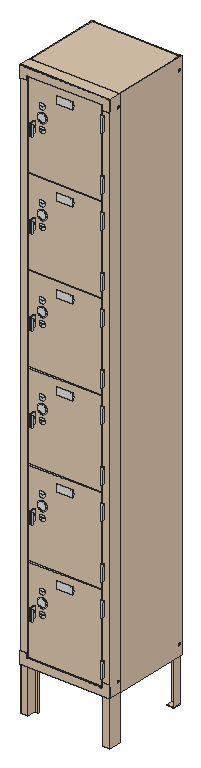
Revit family "Metal_Vented_Lockers-Salsbury_Industries-75000_76000_Series-1_Wide_Units", category Specialty Equipment, Revit 2022 (continued)
Definition of nested family "Vents"
  Lines and regions (in)
    model lines
      curve 61: spline (-0.12218, 0, 48.98929) -> (-0.10447, 0, 48.96016) -> (-0.08514, 0, 48.93573) -> (-0.06447, 0, 48.91637) -> (-0.04279, 0, 48.90239) -> (-0.02043, 0, 48.89399) -> (0.00227, 0, 48.89132) -> (0.02496, 0, 48.8944) -> (0.04728, 0, 48.90319) -> (0.0689, 0, 48.91755) -> (0.08949, 0, 48.93727) -> (0.10872, 0, 48.96205) -> (0.1263, 0, 48.99149)
      curve 62: line (-0.12218, 0, 48.98929) -> (-0.3738, 0, 49.64138)
      curve 63: line (0.1263, 0, 48.99149) -> (0.37669, 0, 49.64065)
      curve 64: spline (-0.12232, 0, 50.29311) -> (-0.1046, 0, 50.3224) -> (-0.08525, 0, 50.34698) -> (-0.06455, 0, 50.36644) -> (-0.04284, 0, 50.3805) -> (-0.02044, 0, 50.38894) -> (0.00229, 0, 50.39163) -> (0.02501, 0, 50.38853) -> (0.04737, 0, 50.37968) -> (0.06902, 0, 50.36522) -> (0.08963, 0, 50.34538) -> (0.10888, 0, 50.32045) -> (0.12647, 0, 50.29083)
      curve 65: line (-0.12232, 0, 50.29311) -> (-0.3738, 0, 49.64138)
      curve 66: line (0.12647, 0, 50.29083) -> (0.37669, 0, 49.64065)
      curve 67: spline (-0.12218, 0, 47.25229) -> (-0.10447, 0, 47.22316) -> (-0.08514, 0, 47.19873) -> (-0.06447, 0, 47.17937) -> (-0.04279, 0, 47.16539) -> (-0.02043, 0, 47.15699) -> (0.00227, 0, 47.15432) -> (0.02496, 0, 47.1574) -> (0.04728, 0, 47.16619) -> (0.0689, 0, 47.18055) -> (0.08949, 0, 47.20027) -> (0.10872, 0, 47.22505) -> (0.1263, 0, 47.25449)
      curve 68: line (-0.12218, 0, 47.25229) -> (-0.3738, 0, 47.90438)
      curve 69: line (0.1263, 0, 47.25449) -> (0.37669, 0, 47.90365)
      curve 70: spline (-0.12232, 0, 48.55611) -> (-0.1046, 0, 48.5854) -> (-0.08525, 0, 48.60998) -> (-0.06455, 0, 48.62944) -> (-0.04284, 0, 48.6435) -> (-0.02044, 0, 48.65194) -> (0.00229, 0, 48.65463) -> (0.02501, 0, 48.65153) -> (0.04737, 0, 48.64268) -> (0.06902, 0, 48.62822) -> (0.08963, 0, 48.60838) -> (0.10888, 0, 48.58345) -> (0.12647, 0, 48.55383)
      curve 71: line (-0.12232, 0, 48.55611) -> (-0.3738, 0, 47.90438)
      curve 72: line (0.12647, 0, 48.55383) -> (0.37669, 0, 47.90365)
      curve 73: spline (-0.12218, 0, 45.51529) -> (-0.10447, 0, 45.48616) -> (-0.08514, 0, 45.46173) -> (-0.06447, 0, 45.44237) -> (-0.04279, 0, 45.42839) -> (-0.02043, 0, 45.41999) -> (0.00227, 0, 45.41732) -> (0.02496, 0, 45.4204) -> (0.04728, 0, 45.42919) -> (0.0689, 0, 45.44355) -> (0.08949, 0, 45.46327) -> (0.10872, 0, 45.48805) -> (0.1263, 0, 45.51749)
      curve 74: line (-0.12218, 0, 45.51529) -> (-0.3738, 0, 46.16738)
      curve 75: line (0.1263, 0, 45.51749) -> (0.37669, 0, 46.16665)
      curve 76: spline (-0.12232, 0, 46.81911) -> (-0.1046, 0, 46.8484) -> (-0.08525, 0, 46.87298) -> (-0.06455, 0, 46.89244) -> (-0.04284, 0, 46.9065) -> (-0.02044, 0, 46.91494) -> (0.00229, 0, 46.91763) -> (0.02501, 0, 46.91453) -> (0.04737, 0, 46.90568) -> (0.06902, 0, 46.89122) -> (0.08963, 0, 46.87138) -> (0.10888, 0, 46.84645) -> (0.12647, 0, 46.81683)
      curve 77: line (-0.12232, 0, 46.81911) -> (-0.3738, 0, 46.16738)
      curve 78: line (0.12647, 0, 46.81683) -> (0.37669, 0, 46.16665)
      curve 79: spline (-0.12218, 0, 43.77829) -> (-0.10447, 0, 43.74916) -> (-0.08514, 0, 43.72473) -> (-0.06447, 0, 43.70537) -> (-0.04279, 0, 43.69139) -> (-0.02043, 0, 43.68299) -> (0.00227, 0, 43.68032) -> (0.02496, 0, 43.6834) -> (0.04728, 0, 43.69219) -> (0.0689, 0, 43.70655) -> (0.08949, 0, 43.72627) -> (0.10872, 0, 43.75105) -> (0.1263, 0, 43.78049)
      curve 80: line (-0.12218, 0, 43.77829) -> (-0.3738, 0, 44.43038)
      curve 81: line (0.1263, 0, 43.78049) -> (0.37669, 0, 44.42965)
      curve 82: spline (-0.12232, 0, 45.08211) -> (-0.1046, 0, 45.1114) -> (-0.08525, 0, 45.13598) -> (-0.06455, 0, 45.15544) -> (-0.04284, 0, 45.1695) -> (-0.02044, 0, 45.17794) -> (0.00229, 0, 45.18063) -> (0.02501, 0, 45.17753) -> (0.04737, 0, 45.16868) -> (0.06902, 0, 45.15422) -> (0.08963, 0, 45.13438) -> (0.10888, 0, 45.10945) -> (0.12647, 0, 45.07983)
      curve 83: line (-0.12232, 0, 45.08211) -> (-0.3738, 0, 44.43038)
      curve 84: line (0.12647, 0, 45.07983) -> (0.37669, 0, 44.42965)
      curve 85: spline (-0.12218, 0, 42.04129) -> (-0.10447, 0, 42.01216) -> (-0.08514, 0, 41.98773) -> (-0.06447, 0, 41.96837) -> (-0.04279, 0, 41.95439) -> (-0.02043, 0, 41.94599) -> (0.00227, 0, 41.94332) -> (0.02496, 0, 41.9464) -> (0.04728, 0, 41.95519) -> (0.0689, 0, 41.96955) -> (0.08949, 0, 41.98927) -> (0.10872, 0, 42.01405) -> (0.1263, 0, 42.04349)
      curve 86: line (-0.12218, 0, 42.04129) -> (-0.3738, 0, 42.69338)
      curve 87: line (0.1263, 0, 42.04349) -> (0.37669, 0, 42.69265)
      curve 88: spline (-0.12232, 0, 43.34511) -> (-0.1046, 0, 43.3744) -> (-0.08525, 0, 43.39898) -> (-0.06455, 0, 43.41844) -> (-0.04284, 0, 43.4325) -> (-0.02044, 0, 43.44094) -> (0.00229, 0, 43.44363) -> (0.02501, 0, 43.44053) -> (0.04737, 0, 43.43168) -> (0.06902, 0, 43.41722) -> (0.08963, 0, 43.39738) -> (0.10888, 0, 43.37245) -> (0.12647, 0, 43.34283)
      curve 89: line (-0.12232, 0, 43.34511) -> (-0.3738, 0, 42.69338)
      curve 90: line (0.12647, 0, 43.34283) -> (0.37669, 0, 42.69265)
      curve 91: spline (-0.12218, 0, 40.30429) -> (-0.10447, 0, 40.27516) -> (-0.08514, 0, 40.25073) -> (-0.06447, 0, 40.23137) -> (-0.04279, 0, 40.21739) -> (-0.02043, 0, 40.20899) -> (0.00227, 0, 40.20632) -> (0.02496, 0, 40.2094) -> (0.04728, 0, 40.21819) -> (0.0689, 0, 40.23255) -> (0.08949, 0, 40.25227) -> (0.10872, 0, 40.27705) -> (0.1263, 0, 40.30649)
      curve 92: line (-0.12218, 0, 40.30429) -> (-0.3738, 0, 40.95638)
      curve 93: line (0.1263, 0, 40.30649) -> (0.37669, 0, 40.95565)
      curve 94: spline (-0.12232, 0, 41.60811) -> (-0.1046, 0, 41.6374) -> (-0.08525, 0, 41.66198) -> (-0.06455, 0, 41.68144) -> (-0.04284, 0, 41.6955) -> (-0.02044, 0, 41.70394) -> (0.00229, 0, 41.70663) -> (0.02501, 0, 41.70353) -> (0.04737, 0, 41.69468) -> (0.06902, 0, 41.68022) -> (0.08963, 0, 41.66038) -> (0.10888, 0, 41.63545) -> (0.12647, 0, 41.60583)
      curve 95: line (-0.12232, 0, 41.60811) -> (-0.3738, 0, 40.95638)
      curve 96: line (0.12647, 0, 41.60583) -> (0.37669, 0, 40.95565)
      curve 97: spline (-0.12218, 0, 38.56729) -> (-0.10447, 0, 38.53816) -> (-0.08514, 0, 38.51373) -> (-0.06447, 0, 38.49437) -> (-0.04279, 0, 38.48039) -> (-0.02043, 0, 38.47199) -> (0.00227, 0, 38.46932) -> (0.02496, 0, 38.4724) -> (0.04728, 0, 38.48119) -> (0.0689, 0, 38.49555) -> (0.08949, 0, 38.51527) -> (0.10872, 0, 38.54005) -> (0.1263, 0, 38.56949)
      curve 98: line (-0.12218, 0, 38.56729) -> (-0.3738, 0, 39.21938)
      curve 99: line (0.1263, 0, 38.56949) -> (0.37669, 0, 39.21865)
      curve 100: spline (-0.12232, 0, 39.87111) -> (-0.1046, 0, 39.9004) -> (-0.08525, 0, 39.92498) -> (-0.06455, 0, 39.94444) -> (-0.04284, 0, 39.9585) -> (-0.02044, 0, 39.96694) -> (0.00229, 0, 39.96963) -> (0.02501, 0, 39.96653) -> (0.04737, 0, 39.95768) -> (0.06902, 0, 39.94322) -> (0.08963, 0, 39.92338) -> (0.10888, 0, 39.89845) -> (0.12647, 0, 39.86883)
      curve 101: line (-0.12232, 0, 39.87111) -> (-0.3738, 0, 39.21938)
      curve 102: line (0.12647, 0, 39.86883) -> (0.37669, 0, 39.21865)
      curve 103: spline (-0.12218, 0, 36.83029) -> (-0.10447, 0, 36.80116) -> (-0.08514, 0, 36.77673) -> (-0.06447, 0, 36.75737) -> (-0.04279, 0, 36.74339) -> (-0.02043, 0, 36.73499) -> (0.00227, 0, 36.73232) -> (0.02496, 0, 36.7354) -> (0.04728, 0, 36.74419) -> (0.0689, 0, 36.75855) -> (0.08949, 0, 36.77827) -> (0.10872, 0, 36.80305) -> (0.1263, 0, 36.83249)
      curve 104: line (-0.12218, 0, 36.83029) -> (-0.3738, 0, 37.48238)
      curve 105: line (0.1263, 0, 36.83249) -> (0.37669, 0, 37.48165)
      curve 106: spline (-0.12232, 0, 38.13411) -> (-0.1046, 0, 38.1634) -> (-0.08525, 0, 38.18798) -> (-0.06455, 0, 38.20744) -> (-0.04284, 0, 38.2215) -> (-0.02044, 0, 38.22994) -> (0.00229, 0, 38.23263) -> (0.02501, 0, 38.22953) -> (0.04737, 0, 38.22068) -> (0.06902, 0, 38.20622) -> (0.08963, 0, 38.18638) -> (0.10888, 0, 38.16145) -> (0.12647, 0, 38.13183)
      curve 107: line (-0.12232, 0, 38.13411) -> (-0.3738, 0, 37.48238)
      curve 108: line (0.12647, 0, 38.13183) -> (0.37669, 0, 37.48165)
      curve 109: spline (-0.12218, 0, 35.09329) -> (-0.10447, 0, 35.06416) -> (-0.08514, 0, 35.03973) -> (-0.06447, 0, 35.02037) -> (-0.04279, 0, 35.00639) -> (-0.02043, 0, 34.99799) -> (0.00227, 0, 34.99532) -> (0.02496, 0, 34.9984) -> (0.04728, 0, 35.00719) -> (0.0689, 0, 35.02155) -> (0.08949, 0, 35.04127) -> (0.10872, 0, 35.06605) -> (0.1263, 0, 35.09549)
      curve 110: line (-0.12218, 0, 35.09329) -> (-0.3738, 0, 35.74538)
      curve 111: line (0.1263, 0, 35.09549) -> (0.37669, 0, 35.74465)
      curve 112: spline (-0.12232, 0, 36.39711) -> (-0.1046, 0, 36.4264) -> (-0.08525, 0, 36.45098) -> (-0.06455, 0, 36.47044) -> (-0.04284, 0, 36.4845) -> (-0.02044, 0, 36.49294) -> (0.00229, 0, 36.49563) -> (0.02501, 0, 36.49253) -> (0.04737, 0, 36.48368) -> (0.06902, 0, 36.46922) -> (0.08963, 0, 36.44938) -> (0.10888, 0, 36.42445) -> (0.12647, 0, 36.39483)
      curve 113: line (-0.12232, 0, 36.39711) -> (-0.3738, 0, 35.74538)
      curve 114: line (0.12647, 0, 36.39483) -> (0.37669, 0, 35.74465)
      curve 115: spline (-0.12218, 0, 33.35629) -> (-0.10447, 0, 33.32716) -> (-0.08514, 0, 33.30273) -> (-0.06447, 0, 33.28337) -> (-0.04279, 0, 33.26939) -> (-0.02043, 0, 33.26099) -> (0.00227, 0, 33.25832) -> (0.02496, 0, 33.2614) -> (0.04728, 0, 33.27019) -> (0.0689, 0, 33.28455) -> (0.08949, 0, 33.30427) -> (0.10872, 0, 33.32905) -> (0.1263, 0, 33.35849)
      curve 116: line (-0.12218, 0, 33.35629) -> (-0.3738, 0, 34.00838)
      curve 117: line (0.1263, 0, 33.35849) -> (0.37669, 0, 34.00765)
      curve 118: spline (-0.12232, 0, 34.66011) -> (-0.1046, 0, 34.6894) -> (-0.08525, 0, 34.71398) -> (-0.06455, 0, 34.73344) -> (-0.04284, 0, 34.7475) -> (-0.02044, 0, 34.75594) -> (0.00229, 0, 34.75863) -> (0.02501, 0, 34.75553) -> (0.04737, 0, 34.74668) -> (0.06902, 0, 34.73222) -> (0.08963, 0, 34.71238) -> (0.10888, 0, 34.68745) -> (0.12647, 0, 34.65783)
      curve 119: line (-0.12232, 0, 34.66011) -> (-0.3738, 0, 34.00838)
      curve 120: line (0.12647, 0, 34.65783) -> (0.37669, 0, 34.00765)
      curve 121: spline (-0.12218, 0, 31.61929) -> (-0.10447, 0, 31.59016) -> (-0.08514, 0, 31.56573) -> (-0.06447, 0, 31.54637) -> (-0.04279, 0, 31.53239) -> (-0.02043, 0, 31.52399) -> (0.00227, 0, 31.52132) -> (0.02496, 0, 31.5244) -> (0.04728, 0, 31.53319) -> (0.0689, 0, 31.54755) -> (0.08949, 0, 31.56727) -> (0.10872, 0, 31.59205) -> (0.1263, 0, 31.62149)
      curve 122: line (-0.12218, 0, 31.61929) -> (-0.3738, 0, 32.27138)
      curve 123: line (0.1263, 0, 31.62149) -> (0.37669, 0, 32.27065)
      curve 124: spline (-0.12232, 0, 32.92311) -> (-0.1046, 0, 32.9524) -> (-0.08525, 0, 32.97698) -> (-0.06455, 0, 32.99644) -> (-0.04284, 0, 33.0105) -> (-0.02044, 0, 33.01894) -> (0.00229, 0, 33.02163) -> (0.02501, 0, 33.01853) -> (0.04737, 0, 33.00968) -> (0.06902, 0, 32.99522) -> (0.08963, 0, 32.97538) -> (0.10888, 0, 32.95045) -> (0.12647, 0, 32.92083)
      curve 125: line (-0.12232, 0, 32.92311) -> (-0.3738, 0, 32.27138)
      curve 126: line (0.12647, 0, 32.92083) -> (0.37669, 0, 32.27065)
      curve 127: spline (-0.12218, 0, 29.88229) -> (-0.10447, 0, 29.85316) -> (-0.08514, 0, 29.82873) -> (-0.06447, 0, 29.80937) -> (-0.04279, 0, 29.79539) -> (-0.02043, 0, 29.78699) -> (0.00227, 0, 29.78432) -> (0.02496, 0, 29.7874) -> (0.04728, 0, 29.79619) -> (0.0689, 0, 29.81055) -> (0.08949, 0, 29.83027) -> (0.10872, 0, 29.85505) -> (0.1263, 0, 29.88449)
      curve 128: line (-0.12218, 0, 29.88229) -> (-0.3738, 0, 30.53438)
      curve 129: line (0.1263, 0, 29.88449) -> (0.37669, 0, 30.53365)
      curve 130: spline (-0.12232, 0, 31.18611) -> (-0.1046, 0, 31.2154) -> (-0.08525, 0, 31.23998) -> (-0.06455, 0, 31.25944) -> (-0.04284, 0, 31.2735) -> (-0.02044, 0, 31.28194) -> (0.00229, 0, 31.28463) -> (0.02501, 0, 31.28153) -> (0.04737, 0, 31.27268) -> (0.06902, 0, 31.25822) -> (0.08963, 0, 31.23838) -> (0.10888, 0, 31.21345) -> (0.12647, 0, 31.18383)
      curve 131: line (-0.12232, 0, 31.18611) -> (-0.3738, 0, 30.53438)
      curve 132: line (0.12647, 0, 31.18383) -> (0.37669, 0, 30.53365)
      curve 133: spline (-0.12218, 0, 28.14529) -> (-0.10447, 0, 28.11616) -> (-0.08514, 0, 28.09173) -> (-0.06447, 0, 28.07237) -> (-0.04279, 0, 28.05839) -> (-0.02043, 0, 28.04999) -> (0.00227, 0, 28.04732) -> (0.02496, 0, 28.0504) -> (0.04728, 0, 28.05919) -> (0.0689, 0, 28.07355) -> (0.08949, 0, 28.09327) -> (0.10872, 0, 28.11805) -> (0.1263, 0, 28.14749)
      curve 134: line (-0.12218, 0, 28.14529) -> (-0.3738, 0, 28.79738)
      curve 135: line (0.1263, 0, 28.14749) -> (0.37669, 0, 28.79665)
      curve 136: spline (-0.12232, 0, 29.44911) -> (-0.1046, 0, 29.4784) -> (-0.08525, 0, 29.50298) -> (-0.06455, 0, 29.52244) -> (-0.04284, 0, 29.5365) -> (-0.02044, 0, 29.54494) -> (0.00229, 0, 29.54763) -> (0.02501, 0, 29.54453) -> (0.04737, 0, 29.53568) -> (0.06902, 0, 29.52122) -> (0.08963, 0, 29.50138) -> (0.10888, 0, 29.47645) -> (0.12647, 0, 29.44683)
      curve 137: line (-0.12232, 0, 29.44911) -> (-0.3738, 0, 28.79738)
      curve 138: line (0.12647, 0, 29.44683) -> (0.37669, 0, 28.79665)
      curve 139: spline (-0.12218, 0, 26.40829) -> (-0.10447, 0, 26.37916) -> (-0.08514, 0, 26.35473) -> (-0.06447, 0, 26.33537) -> (-0.04279, 0, 26.32139) -> (-0.02043, 0, 26.31299) -> (0.00227, 0, 26.31032) -> (0.02496, 0, 26.3134) -> (0.04728, 0, 26.32219) -> (0.0689, 0, 26.33655) -> (0.08949, 0, 26.35627) -> (0.10872, 0, 26.38105) -> (0.1263, 0, 26.41049)
      curve 140: line (-0.12218, 0, 26.40829) -> (-0.3738, 0, 27.06038)
      curve 141: line (0.1263, 0, 26.41049) -> (0.37669, 0, 27.05965)
      curve 142: spline (-0.12232, 0, 27.71211) -> (-0.1046, 0, 27.7414) -> (-0.08525, 0, 27.76598) -> (-0.06455, 0, 27.78544) -> (-0.04284, 0, 27.7995) -> (-0.02044, 0, 27.80794) -> (0.00229, 0, 27.81063) -> (0.02501, 0, 27.80753) -> (0.04737, 0, 27.79868) -> (0.06902, 0, 27.78422) -> (0.08963, 0, 27.76438) -> (0.10888, 0, 27.73945) -> (0.12647, 0, 27.70983)
      curve 143: line (-0.12232, 0, 27.71211) -> (-0.3738, 0, 27.06038)
      curve 144: line (0.12647, 0, 27.70983) -> (0.37669, 0, 27.05965)
      curve 145: spline (-0.12218, 0, 24.67129) -> (-0.10447, 0, 24.64216) -> (-0.08514, 0, 24.61773) -> (-0.06447, 0, 24.59837) -> (-0.04279, 0, 24.58439) -> (-0.02043, 0, 24.57599) -> (0.00227, 0, 24.57332) -> (0.02496, 0, 24.5764) -> (0.04728, 0, 24.58519) -> (0.0689, 0, 24.59955) -> (0.08949, 0, 24.61927) -> (0.10872, 0, 24.64405) -> (0.1263, 0, 24.67349)
      curve 146: line (-0.12218, 0, 24.67129) -> (-0.3738, 0, 25.32338)
      curve 147: line (0.1263, 0, 24.67349) -> (0.37669, 0, 25.32265)
      curve 148: spline (-0.12232, 0, 25.97511) -> (-0.1046, 0, 26.0044) -> (-0.08525, 0, 26.02898) -> (-0.06455, 0, 26.04844) -> (-0.04284, 0, 26.0625) -> (-0.02044, 0, 26.07094) -> (0.00229, 0, 26.07363) -> (0.02501, 0, 26.07053) -> (0.04737, 0, 26.06168) -> (0.06902, 0, 26.04722) -> (0.08963, 0, 26.02738) -> (0.10888, 0, 26.00245) -> (0.12647, 0, 25.97283)
      curve 149: line (-0.12232, 0, 25.97511) -> (-0.3738, 0, 25.32338)
      curve 150: line (0.12647, 0, 25.97283) -> (0.37669, 0, 25.32265)
      curve 151: spline (-0.12218, 0, 22.93429) -> (-0.10447, 0, 22.90516) -> (-0.08514, 0, 22.88073) -> (-0.06447, 0, 22.86137) -> (-0.04279, 0, 22.84739) -> (-0.02043, 0, 22.83899) -> (0.00227, 0, 22.83632) -> (0.02496, 0, 22.8394) -> (0.04728, 0, 22.84819) -> (0.0689, 0, 22.86255) -> (0.08949, 0, 22.88227) -> (0.10872, 0, 22.90705) -> (0.1263, 0, 22.93649)
      curve 152: line (-0.12218, 0, 22.93429) -> (-0.3738, 0, 23.58638)
      curve 153: line (0.1263, 0, 22.93649) -> (0.37669, 0, 23.58565)
      curve 154: spline (-0.12232, 0, 24.23811) -> (-0.1046, 0, 24.2674) -> (-0.08525, 0, 24.29198) -> (-0.06455, 0, 24.31144) -> (-0.04284, 0, 24.3255) -> (-0.02044, 0, 24.33394) -> (0.00229, 0, 24.33663) -> (0.02501, 0, 24.33353) -> (0.04737, 0, 24.32468) -> (0.06902, 0, 24.31022) -> (0.08963, 0, 24.29038) -> (0.10888, 0, 24.26545) -> (0.12647, 0, 24.23583)
      curve 155: line (-0.12232, 0, 24.23811) -> (-0.3738, 0, 23.58638)
      curve 156: line (0.12647, 0, 24.23583) -> (0.37669, 0, 23.58565)
      curve 157: spline (-0.12218, 0, 21.19729) -> (-0.10447, 0, 21.16816) -> (-0.08514, 0, 21.14373) -> (-0.06447, 0, 21.12437) -> (-0.04279, 0, 21.11039) -> (-0.02043, 0, 21.10199) -> (0.00227, 0, 21.09932) -> (0.02496, 0, 21.1024) -> (0.04728, 0, 21.11119) -> (0.0689, 0, 21.12555) -> (0.08949, 0, 21.14527) -> (0.10872, 0, 21.17005) -> (0.1263, 0, 21.19949)
      curve 158: line (-0.12218, 0, 21.19729) -> (-0.3738, 0, 21.84938)
      curve 159: line (0.1263, 0, 21.19949) -> (0.37669, 0, 21.84865)
      curve 160: spline (-0.12232, 0, 22.50111) -> (-0.1046, 0, 22.5304) -> (-0.08525, 0, 22.55498) -> (-0.06455, 0, 22.57444) -> (-0.04284, 0, 22.5885) -> (-0.02044, 0, 22.59694) -> (0.00229, 0, 22.59963) -> (0.02501, 0, 22.59653) -> (0.04737, 0, 22.58768) -> (0.06902, 0, 22.57322) -> (0.08963, 0, 22.55338) -> (0.10888, 0, 22.52845) -> (0.12647, 0, 22.49883)
      curve 161: line (-0.12232, 0, 22.50111) -> (-0.3738, 0, 21.84938)
      curve 162: line (0.12647, 0, 22.49883) -> (0.37669, 0, 21.84865)
      curve 163: spline (-0.12218, 0, 19.46029) -> (-0.10447, 0, 19.43116) -> (-0.08514, 0, 19.40673) -> (-0.06447, 0, 19.38737) -> (-0.04279, 0, 19.37339) -> (-0.02043, 0, 19.36499) -> (0.00227, 0, 19.36232) -> (0.02496, 0, 19.3654) -> (0.04728, 0, 19.37419) -> (0.0689, 0, 19.38855) -> (0.08949, 0, 19.40827) -> (0.10872, 0, 19.43305) -> (0.1263, 0, 19.46249)
      curve 164: line (-0.12218, 0, 19.46029) -> (-0.3738, 0, 20.11238)
      curve 165: line (0.1263, 0, 19.46249) -> (0.37669, 0, 20.11165)
      curve 166: spline (-0.12232, 0, 20.76411) -> (-0.1046, 0, 20.7934) -> (-0.08525, 0, 20.81798) -> (-0.06455, 0, 20.83744) -> (-0.04284, 0, 20.8515) -> (-0.02044, 0, 20.85994) -> (0.00229, 0, 20.86263) -> (0.02501, 0, 20.85953) -> (0.04737, 0, 20.85068) -> (0.06902, 0, 20.83622) -> (0.08963, 0, 20.81638) -> (0.10888, 0, 20.79145) -> (0.12647, 0, 20.76183)
      curve 167: line (-0.12232, 0, 20.76411) -> (-0.3738, 0, 20.11238)
      curve 168: line (0.12647, 0, 20.76183) -> (0.37669, 0, 20.11165)
      curve 197: spline (-0.12218, 0, 17.72329) -> (-0.10447, 0, 17.69416) -> (-0.08514, 0, 17.66973) -> (-0.06447, 0, 17.65037) -> (-0.04279, 0, 17.63639) -> (-0.02043, 0, 17.62799) -> (0.00227, 0, 17.62532) -> (0.02496, 0, 17.6284) -> (0.04728, 0, 17.63719) -> (0.0689, 0, 17.65155) -> (0.08949, 0, 17.67127) -> (0.10872, 0, 17.69605) -> (0.1263, 0, 17.72549)
      curve 198: line (-0.12218, 0, 17.72329) -> (-0.3738, 0, 18.37538)
      curve 199: line (0.1263, 0, 17.72549) -> (0.37669, 0, 18.37465)
      curve 200: spline (-0.12232, 0, 19.02711) -> (-0.1046, 0, 19.0564) -> (-0.08525, 0, 19.08098) -> (-0.06455, 0, 19.10044) -> (-0.04284, 0, 19.1145) -> (-0.02044, 0, 19.12294) -> (0.00229, 0, 19.12563) -> (0.02501, 0, 19.12253) -> (0.04737, 0, 19.11368) -> (0.06902, 0, 19.09922) -> (0.08963, 0, 19.07938) -> (0.10888, 0, 19.05445) -> (0.12647, 0, 19.02483)
      curve 201: line (-0.12232, 0, 19.02711) -> (-0.3738, 0, 18.37538)
      curve 202: line (0.12647, 0, 19.02483) -> (0.37669, 0, 18.37465)
      curve 204: spline (-0.12218, 0, 15.98629) -> (-0.10447, 0, 15.95716) -> (-0.08514, 0, 15.93273) -> (-0.06447, 0, 15.91337) -> (-0.04279, 0, 15.89939) -> (-0.02043, 0, 15.89099) -> (0.00227, 0, 15.88832) -> (0.02496, 0, 15.8914) -> (0.04728, 0, 15.90019) -> (0.0689, 0, 15.91455) -> (0.08949, 0, 15.93427) -> (0.10872, 0, 15.95905) -> (0.1263, 0, 15.98849)
      curve 205: line (-0.12218, 0, 15.98629) -> (-0.3738, 0, 16.63838)
      curve 206: line (0.1263, 0, 15.98849) -> (0.37669, 0, 16.63765)
      curve 207: spline (-0.12232, 0, 17.29011) -> (-0.1046, 0, 17.3194) -> (-0.08525, 0, 17.34398) -> (-0.06455, 0, 17.36344) -> (-0.04284, 0, 17.3775) -> (-0.02044, 0, 17.38594) -> (0.00229, 0, 17.38863) -> (0.02501, 0, 17.38553) -> (0.04737, 0, 17.37668) -> (0.06902, 0, 17.36222) -> (0.08963, 0, 17.34238) -> (0.10888, 0, 17.31745) -> (0.12647, 0, 17.28783)
      curve 208: line (-0.12232, 0, 17.29011) -> (-0.3738, 0, 16.63838)
      curve 209: line (0.12647, 0, 17.28783) -> (0.37669, 0, 16.63765)
      curve 211: spline (-0.12218, 0, 14.24929) -> (-0.10447, 0, 14.22016) -> (-0.08514, 0, 14.19573) -> (-0.06447, 0, 14.17637) -> (-0.04279, 0, 14.16239) -> (-0.02043, 0, 14.15399) -> (0.00227, 0, 14.15132) -> (0.02496, 0, 14.1544) -> (0.04728, 0, 14.16319) -> (0.0689, 0, 14.17755) -> (0.08949, 0, 14.19727) -> (0.10872, 0, 14.22205) -> (0.1263, 0, 14.25149)
      curve 212: line (-0.12218, 0, 14.24929) -> (-0.3738, 0, 14.90138)
      curve 213: line (0.1263, 0, 14.25149) -> (0.37669, 0, 14.90065)
      curve 214: spline (-0.12232, 0, 15.55311) -> (-0.1046, 0, 15.5824) -> (-0.08525, 0, 15.60698) -> (-0.06455, 0, 15.62644) -> (-0.04284, 0, 15.6405) -> (-0.02044, 0, 15.64894) -> (0.00229, 0, 15.65163) -> (0.02501, 0, 15.64853) -> (0.04737, 0, 15.63968) -> (0.06902, 0, 15.62522) -> (0.08963, 0, 15.60538) -> (0.10888, 0, 15.58045) -> (0.12647, 0, 15.55083)
      curve 215: line (-0.12232, 0, 15.55311) -> (-0.3738, 0, 14.90138)
      curve 216: line (0.12647, 0, 15.55083) -> (0.37669, 0, 14.90065)
      curve 218: spline (-0.12218, 0, 12.51229) -> (-0.10447, 0, 12.48316) -> (-0.08514, 0, 12.45873) -> (-0.06447, 0, 12.43937) -> (-0.04279, 0, 12.42539) -> (-0.02043, 0, 12.41699) -> (0.00227, 0, 12.41432) -> (0.02496, 0, 12.4174) -> (0.04728, 0, 12.42619) -> (0.0689, 0, 12.44055) -> (0.08949, 0, 12.46027) -> (0.10872, 0, 12.48505) -> (0.1263, 0, 12.51449)
      curve 219: line (-0.12218, 0, 12.51229) -> (-0.3738, 0, 13.16438)
      curve 220: line (0.1263, 0, 12.51449) -> (0.37669, 0, 13.16365)
      curve 221: spline (-0.12232, 0, 13.81611) -> (-0.1046, 0, 13.8454) -> (-0.08525, 0, 13.86998) -> (-0.06455, 0, 13.88944) -> (-0.04284, 0, 13.9035) -> (-0.02044, 0, 13.91194) -> (0.00229, 0, 13.91463) -> (0.02501, 0, 13.91153) -> (0.04737, 0, 13.90268) -> (0.06902, 0, 13.88822) -> (0.08963, 0, 13.86838) -> (0.10888, 0, 13.84345) -> (0.12647, 0, 13.81383)
      curve 222: line (-0.12232, 0, 13.81611) -> (-0.3738, 0, 13.16438)
      curve 223: line (0.12647, 0, 13.81383) -> (0.37669, 0, 13.16365)
      curve 225: spline (-0.12218, 0, 10.77529) -> (-0.10447, 0, 10.74616) -> (-0.08514, 0, 10.72173) -> (-0.06447, 0, 10.70237) -> (-0.04279, 0, 10.68839) -> (-0.02043, 0, 10.67999) -> (0.00227, 0, 10.67732) -> (0.02496, 0, 10.6804) -> (0.04728, 0, 10.68919) -> (0.0689, 0, 10.70355) -> (0.08949, 0, 10.72327) -> (0.10872, 0, 10.74805) -> (0.1263, 0, 10.77749)
      curve 226: line (-0.12218, 0, 10.77529) -> (-0.3738, 0, 11.42738)
      curve 227: line (0.1263, 0, 10.77749) -> (0.37669, 0, 11.42665)
      curve 228: spline (-0.12232, 0, 12.07911) -> (-0.1046, 0, 12.1084) -> (-0.08525, 0, 12.13298) -> (-0.06455, 0, 12.15244) -> (-0.04284, 0, 12.1665) -> (-0.02044, 0, 12.17494) -> (0.00229, 0, 12.17763) -> (0.02501, 0, 12.17453) -> (0.04737, 0, 12.16568) -> (0.06902, 0, 12.15122) -> (0.08963, 0, 12.13138) -> (0.10888, 0, 12.10645) -> (0.12647, 0, 12.07683)
      curve 229: line (-0.12232, 0, 12.07911) -> (-0.3738, 0, 11.42738)
      curve 230: line (0.12647, 0, 12.07683) -> (0.37669, 0, 11.42665)
      curve 232: spline (-0.12218, 0, 9.03829) -> (-0.10447, 0, 9.00916) -> (-0.08514, 0, 8.98473) -> (-0.06447, 0, 8.96537) -> (-0.04279, 0, 8.95139) -> (-0.02043, 0, 8.94299) -> (0.00227, 0, 8.94032) -> (0.02496, 0, 8.9434) -> (0.04728, 0, 8.95219) -> (0.0689, 0, 8.96655) -> (0.08949, 0, 8.98627) -> (0.10872, 0, 9.01105) -> (0.1263, 0, 9.04049)
      curve 233: line (-0.12218, 0, 9.03829) -> (-0.3738, 0, 9.69038)
      curve 234: line (0.1263, 0, 9.04049) -> (0.37669, 0, 9.68965)
      curve 235: spline (-0.12232, 0, 10.34211) -> (-0.1046, 0, 10.3714) -> (-0.08525, 0, 10.39598) -> (-0.06455, 0, 10.41544) -> (-0.04284, 0, 10.4295) -> (-0.02044, 0, 10.43794) -> (0.00229, 0, 10.44063) -> (0.02501, 0, 10.43753) -> (0.04737, 0, 10.42868) -> (0.06902, 0, 10.41422) -> (0.08963, 0, 10.39438) -> (0.10888, 0, 10.36945) -> (0.12647, 0, 10.33983)
      curve 236: line (-0.12232, 0, 10.34211) -> (-0.3738, 0, 9.69038)
      curve 237: line (0.12647, 0, 10.33983) -> (0.37669, 0, 9.68965)
      curve 239: spline (-0.12218, 0, 7.30129) -> (-0.10447, 0, 7.27216) -> (-0.08514, 0, 7.24773) -> (-0.06447, 0, 7.22837) -> (-0.04279, 0, 7.21439) -> (-0.02043, 0, 7.20599) -> (0.00227, 0, 7.20332) -> (0.02496, 0, 7.2064) -> (0.04728, 0, 7.21519) -> (0.0689, 0, 7.22955) -> (0.08949, 0, 7.24927) -> (0.10872, 0, 7.27405) -> (0.1263, 0, 7.30349)
      curve 240: line (-0.12218, 0, 7.30129) -> (-0.3738, 0, 7.95338)
      curve 241: line (0.1263, 0, 7.30349) -> (0.37669, 0, 7.95265)
      curve 242: spline (-0.12232, 0, 8.60511) -> (-0.1046, 0, 8.6344) -> (-0.08525, 0, 8.65898) -> (-0.06455, 0, 8.67844) -> (-0.04284, 0, 8.6925) -> (-0.02044, 0, 8.70094) -> (0.00229, 0, 8.70363) -> (0.02501, 0, 8.70053) -> (0.04737, 0, 8.69168) -> (0.06902, 0, 8.67722) -> (0.08963, 0, 8.65738) -> (0.10888, 0, 8.63245) -> (0.12647, 0, 8.60283)
      curve 243: line (-0.12232, 0, 8.60511) -> (-0.3738, 0, 7.95338)
      curve 244: line (0.12647, 0, 8.60283) -> (0.37669, 0, 7.95265)
      curve 246: spline (-0.12218, 0, 5.56429) -> (-0.10447, 0, 5.53516) -> (-0.08514, 0, 5.51073) -> (-0.06447, 0, 5.49137) -> (-0.04279, 0, 5.47739) -> (-0.02043, 0, 5.46899) -> (0.00227, 0, 5.46632) -> (0.02496, 0, 5.4694) -> (0.04728, 0, 5.47819) -> (0.0689, 0, 5.49255) -> (0.08949, 0, 5.51227) -> (0.10872, 0, 5.53705) -> (0.1263, 0, 5.56649)
      curve 247: line (-0.12218, 0, 5.56429) -> (-0.3738, 0, 6.21638)
      curve 248: line (0.1263, 0, 5.56649) -> (0.37669, 0, 6.21565)
      curve 249: spline (-0.12232, 0, 6.86811) -> (-0.1046, 0, 6.8974) -> (-0.08525, 0, 6.92198) -> (-0.06455, 0, 6.94144) -> (-0.04284, 0, 6.9555) -> (-0.02044, 0, 6.96394) -> (0.00229, 0, 6.96663) -> (0.02501, 0, 6.96353) -> (0.04737, 0, 6.95468) -> (0.06902, 0, 6.94022) -> (0.08963, 0, 6.92038) -> (0.10888, 0, 6.89545) -> (0.12647, 0, 6.86583)
      curve 250: line (-0.12232, 0, 6.86811) -> (-0.3738, 0, 6.21638)
      curve 251: line (0.12647, 0, 6.86583) -> (0.37669, 0, 6.21565)
    reference lines
      curve 169: line (-0.37307, 0, 67.00949) -> (0.37714, 0, 67.00949)
      curve 170: line (-0.37307, 0, 65.27249) -> (0.37714, 0, 65.27249)
      curve 171: line (-0.37307, 0, 63.53549) -> (0.37714, 0, 63.53549)
      curve 172: line (-0.37307, 0, 61.79849) -> (0.37714, 0, 61.79849)
      curve 173: line (-0.37307, 0, 60.06149) -> (0.37714, 0, 60.06149)
      curve 174: line (-0.37307, 0, 58.32449) -> (0.37714, 0, 58.32449)
      curve 175: line (-0.37307, 0, 56.58749) -> (0.37714, 0, 56.58749)
      curve 176: line (-0.37307, 0, 54.85049) -> (0.37714, 0, 54.85049)
      curve 177: line (-0.37307, 0, 53.11349) -> (0.37714, 0, 53.11349)
      curve 178: line (-0.37307, 0, 51.37649) -> (0.37714, 0, 51.37649)
      curve 179: line (-0.37307, 0, 49.63949) -> (0.37714, 0, 49.63949)
      curve 180: line (-0.37307, 0, 47.90249) -> (0.37714, 0, 47.90249)
      curve 181: line (-0.37307, 0, 46.16549) -> (0.37714, 0, 46.16549)
      curve 182: line (-0.37307, 0, 44.42849) -> (0.37714, 0, 44.42849)
      curve 183: line (-0.37307, 0, 42.69149) -> (0.37714, 0, 42.69149)
      curve 184: line (-0.37307, 0, 40.95449) -> (0.37714, 0, 40.95449)
      curve 185: line (-0.37307, 0, 39.21749) -> (0.37714, 0, 39.21749)
      curve 186: line (-0.37307, 0, 37.48049) -> (0.37714, 0, 37.48049)
      curve 187: line (-0.37307, 0, 35.74349) -> (0.37714, 0, 35.74349)
      curve 188: line (-0.37307, 0, 34.00649) -> (0.37714, 0, 34.00649)
      curve 189: line (-0.37307, 0, 32.26949) -> (0.37714, 0, 32.26949)
      curve 190: line (-0.37307, 0, 30.53249) -> (0.37714, 0, 30.53249)
      curve 191: line (-0.37307, 0, 28.79549) -> (0.37714, 0, 28.79549)
      curve 192: line (-0.37307, 0, 27.05849) -> (0.37714, 0, 27.05849)
      curve 193: line (-0.37307, 0, 25.32149) -> (0.37714, 0, 25.32149)
      curve 194: line (-0.37307, 0, 23.58449) -> (0.37714, 0, 23.58449)
      curve 195: line (-0.37307, 0, 21.84749) -> (0.37714, 0, 21.84749)
      curve 196: line (-0.37307, 0, 20.11049) -> (0.37714, 0, 20.11049)
      curve 203: line (-0.37307, 0, 18.37349) -> (0.37714, 0, 18.37349)
      curve 210: line (-0.37307, 0, 16.63649) -> (0.37714, 0, 16.63649)
      curve 217: line (-0.37307, 0, 14.89949) -> (0.37714, 0, 14.89949)
      curve 224: line (-0.37307, 0, 13.16249) -> (0.37714, 0, 13.16249)
      curve 231: line (-0.37307, 0, 11.42549) -> (0.37714, 0, 11.42549)
      curve 238: line (-0.37307, 0, 9.68849) -> (0.37714, 0, 9.68849)
      curve 245: line (-0.37307, 0, 7.95149) -> (0.37714, 0, 7.95149)
      curve 252: line (-0.37307, 0, 6.21449) -> (0.37714, 0, 6.21449)
  Dimensions and locks (in)
    equal spacing: group 1, group 2, group 3, group 4, group 5, group 6, group 7, group 8, group 9, group 10, group 11, group 12, group 13, group 14, group 15, group 16, group 17, group 18, group 19, group 20, group 21, group 22, group 23, group 24, group 25, group 26, group 27, group 28, group 29, group 30, group 31, group 32, group 33, group 34, group 35, group 36  (x2)
    equal spacing: group 36, group 35, group 34, group 33, group 32, group 31, group 30, group 29, group 28, group 27, group 26, group 25, group 24, group 23, group 22, group 21, group 20, group 19, group 18, group 17, group 16, group 15, group 14, group 13, group 12, group 11, group 10, group 9, group 8, group 7, group 6, group 5, group 4, group 3, group 2, group 1
    aligned and locked: level to plane 2
Types (18): name | Zee Base | Vent Offset | Vent Configuration Height | Vent Array 2 | Vent Array 1 | Unit Height including Sloping Hood Only | Unit Height | Type Comments | Total Door(s) Height | Top Door | Top Compartment Divider | Sloping Hood Height | Primary Structure Material | Unit Height including Base Only | Overall Unit Height (including Base and Sloping Hood) | Model | Individual Door Height | Hasp Plate Rivet Material | Door Location D1 | Description | Depth | Compartment Divider Height | Base Height | Standard Leg Base
  76162 - with Standard 6" High Legs | Metal Locker Zee Base : None | 3.250" | Vents : 6 foot high vents | 5 | 6 | 78.625" | 72.000" | "12\" Wide Vented Metal Locker - Box Style Six Tier" | 69.81949" | yes | yes | 6.625" | Steel - Salsbury Finish = Tan | 78.000" | 84.625" | "76162" | 11.534" | Steel -Salsbury Finish =  Polished Steel | Vented Metal Locker Doors-12 inch with Latch Hasps : Six Tier Door - 6 foot | "1 Wide - 6 Feet High - 12 Inches Deep" | 12.010" | 11.159" | 6.000" | Metal Locker Legs : 6" High - 12" W x 12" D
  76165 - with Standard 6" High Legs | Metal Locker Zee Base : None | 3.500" | Vents : 6 foot high vents | 7 | 8 | 80.682" | 72.000" | "12\" Wide Vented Metal Locker - Box Style Six Tier" | 69.81949" | yes | yes | 8.682" | Paint - Salsbury Finish - Tan | 78.000" | 86.682" | "76165" | 11.534" | Steel -Salsbury Finish - Polished Steel | Vented Metal Locker Doors-12 inch with Latch Hasps : Six Tier Door - 6 foot | "1 Wide - 6 Feet High - 15 Inches Deep" | 15.010" | 11.159" | 6.000" | Metal Locker Legs : 6" High - 12" W x 15" D
  76168 - with Standard 6" High Legs | Metal Locker Zee Base : None | 3.750" | Vents : 6 foot high vents | 9 | 10 | 82.739" | 72.000" | "12\" Wide Vented Metal Locker - Box Style Six Tier" | 69.81949" | yes | yes | 10.739" | Paint - Salsbury Finish - Tan | 78.000" | 88.739" | "76168" | 11.534" | Steel -Salsbury Finish - Polished Steel | Vented Metal Locker Doors-12 inch with Latch Hasps : Six Tier Door - 6 foot | "1 Wide - 6 Feet High - 18 Inches Deep" | 18.010" | 11.159" | 6.000" | Metal Locker Legs : 6" High - 12"W x 18"D
  76162 - with 77572 Zee Base and 77550 Lockers without Legs | Metal Locker Zee Base : 77572- 12" W x 12" D | 3.250" | Vents : 6 foot high vents | 5 | 6 | 78.625" | 72.000" | "12\" Wide Vented Metal Locker - Box Style Six Tier" | 69.81949" | yes | yes | 6.625" | Paint - Salsbury Finish - Tan | 76.000" | 82.625" | "76162 with 77572 and 77550" | 11.534" | Steel -Salsbury Finish - Polished Steel | Vented Metal Locker Doors-12 inch with Latch Hasps : Six Tier Door - 6 foot | "1 Wide - 6 Feet High - 12 Inches Deep with Zee Base and Lockers without Legs" | 12.010" | 11.159" | 4.000" | Metal Locker Legs : No Legs
  76165 - with 77575 Zee Base and 77550 Lockers without Legs | Metal Locker Zee Base : 77575 - 12" W x 15" D | 3.500" | Vents : 6 foot high vents | 7 | 8 | 80.682" | 72.000" | "12\" Wide Vented Metal Locker - Box Style Six Tier" | 69.81949" | yes | yes | 8.682" | Paint - Salsbury Finish - Tan | 76.000" | 84.682" | "76165 with 77575 and 77550" | 11.534" | Steel -Salsbury Finish - Polished Steel | Vented Metal Locker Doors-12 inch with Latch Hasps : Six Tier Door - 6 foot | "1 Wide - 6 Feet High - 15 Inches Deep with Zee Base and Lockers without Legs" | 15.010" | 11.159" | 4.000" | Metal Locker Legs : No Legs
  76168 - with 77578 Zee Base and 77550 Lockers without Legs | Metal Locker Zee Base : 77578 - 12"W x 18"D | 3.750" | Vents : 6 foot high vents | 9 | 10 | 82.739" | 72.000" | "12\" Wide Vented Metal Locker - Box Style Six Tier" | 69.81949" | yes | yes | 10.739" | Paint - Salsbury Finish - Tan | 76.000" | 86.739" | "76168 with 77578 and 77550" | 11.534" | Steel -Salsbury Finish - Polished Steel | Vented Metal Locker Doors-12 inch with Latch Hasps : Six Tier Door - 6 foot | "1 Wide - 6 Feet High - 18 Inches Deep with Zee Base and Lockers without Legs" | 18.010" | 11.159" | 4.000" | Metal Locker Legs : No Legs
  76162 - with 77550 Lockers without Legs | Metal Locker Zee Base : None | 3.250" | Vents : 6 foot high vents | 5 | 6 | 78.625" | 72.000" | "12\" Wide Vented Metal Locker - Box Style Six Tier" | 69.81949" | yes | yes | 6.625" | Paint - Salsbury Finish - Tan | 72.000" | 78.625" | "76162 with 77550" | 11.534" | Steel -Salsbury Finish - Polished Steel | Vented Metal Locker Doors-12 inch with Latch Hasps : Six Tier Door - 6 foot | "1 Wide - 6 Feet High - 12 Inches Deep with Lockers without Legs" | 12.010" | 11.159" | 0.000" | Metal Locker Legs : No Legs
  76165 - with 77550 Lockers without Legs | Metal Locker Zee Base : None | 3.500" | Vents : 6 foot high vents | 7 | 8 | 80.682" | 72.000" | "12\" Wide Vented Metal Locker - Box Style Six Tier" | 69.81949" | yes | yes | 8.682" | Paint - Salsbury Finish - Tan | 72.000" | 80.682" | "76165 with 77550" | 11.534" | Steel -Salsbury Finish - Polished Steel | Vented Metal Locker Doors-12 inch with Latch Hasps : Six Tier Door - 6 foot | "1 Wide - 6 Feet High - 15 Inches Deep with Lockers without Legs" | 15.010" | 11.159" | 0.000" | Metal Locker Legs : No Legs
  76168 - with 77550 Lockers without Legs | Metal Locker Zee Base : None | 3.750" | Vents : 6 foot high vents | 9 | 10 | 82.739" | 72.000" | "12\" Wide Vented Metal Locker - Box Style Six Tier" | 69.81949" | yes | yes | 10.739" | Paint - Salsbury Finish - Tan | 72.000" | 82.739" | "76168 with 77550" | 11.534" | Steel -Salsbury Finish - Polished Steel | Vented Metal Locker Doors-12 inch with Latch Hasps : Six Tier Door - 6 foot | "1 Wide - 6 Feet High - 18 Inches Deep with Lockers without Legs" | 18.010" | 11.159" | 0.000" | Metal Locker Legs : No Legs
  75152 - with Standard 6" High Legs | Metal Locker Zee Base : None | 3.250" | Vents : 5 foot high vents | 5 | 6 | 66.625" | 60.000" | "12\" Wide Vented Metal Locker - Box Style Five Tier" | 57.81949" | no | no | 6.625" | Paint - Salsbury Finish - Tan | 66.000" | 72.625" | "75152" | 11.463" | Steel -Salsbury Finish - Polished Steel | Vented Metal Locker Doors-12 inch with Latch Hasps : Five Tier Door - 5 foot | "1 Wide - 5 Feet High - 12 Inches Deep" | 12.010" | 11.088" | 6.000" | Metal Locker Legs : 6" High - 12" W x 12" D
  75152 - with 77572 Zee Base and 77550 Lockers without Legs | Metal Locker Zee Base : 77572- 12" W x 12" D | 3.250" | Vents : 5 foot high vents | 5 | 6 | 66.625" | 60.000" | "12\" Wide Vented Metal Locker - Box Style Five Tier" | 57.81949" | no | no | 6.625" | Paint - Salsbury Finish - Tan | 64.000" | 70.625" | "75152 with 77572 and 77550" | 11.463" | Steel -Salsbury Finish - Polished Steel | Vented Metal Locker Doors-12 inch with Latch Hasps : Five Tier Door - 5 foot | "1 Wide - 5 Feet High - 12 Inches Deep with Zee Base and Lockers without Legs" | 12.010" | 11.088" | 4.000" | Metal Locker Legs : No Legs
  75152 - with 77550 Lockers without Legs | Metal Locker Zee Base : None | 3.250" | Vents : 5 foot high vents | 5 | 6 | 66.625" | 60.000" | "12\" Wide Vented Metal Locker - Box Style Five Tier" | 57.81949" | no | no | 6.625" | Paint - Salsbury Finish - Tan | 60.000" | 66.625" | "75152 with 77550" | 11.463" | Steel -Salsbury Finish - Polished Steel | Vented Metal Locker Doors-12 inch with Latch Hasps : Five Tier Door - 5 foot | "1 Wide - 5 Feet High - 12 Inches Deep with Lockers without Legs" | 12.010" | 11.088" | 0.000" | Metal Locker Legs : No Legs
  75155 - with Standard 6" High Legs | Metal Locker Zee Base : None | 3.500" | Vents : 5 foot high vents | 7 | 8 | 68.682" | 60.000" | "12\" Wide Vented Metal Locker - Box Style Five Tier" | 57.81949" | no | no | 8.682" | Paint - Salsbury Finish - Tan | 66.000" | 74.682" | "75155" | 11.463" | Steel -Salsbury Finish - Polished Steel | Vented Metal Locker Doors-12 inch with Latch Hasps : Five Tier Door - 5 foot | "1 Wide - 5 Feet High - 15 Inches Deep" | 15.010" | 11.088" | 6.000" | Metal Locker Legs : 6" High - 12" W x 15" D
  75155 - with 77575 Zee Base and 77550 Lockers without Legs | Metal Locker Zee Base : 77575 - 12" W x 15" D | 3.500" | Vents : 5 foot high vents | 7 | 8 | 68.682" | 60.000" | "12\" Wide Vented Metal Locker - Box Style Five Tier" | 57.81949" | no | no | 8.682" | Paint - Salsbury Finish - Tan | 64.000" | 72.682" | "75155 with 77575 and 77550" | 11.463" | Steel -Salsbury Finish - Polished Steel | Vented Metal Locker Doors-12 inch with Latch Hasps : Five Tier Door - 5 foot | "1 Wide - 5 Feet High - 15 Inches Deep with Zee Base and Lockers without Legs" | 15.010" | 11.088" | 4.000" | Metal Locker Legs : No Legs
  75155 - with 77550 Lockers without Legs | Metal Locker Zee Base : None | 3.500" | Vents : 5 foot high vents | 7 | 8 | 68.682" | 60.000" | "12\" Wide Vented Metal Locker - Box Style Five Tier" | 57.81949" | no | no | 8.682" | Paint - Salsbury Finish - Tan | 60.000" | 68.682" | "75155 with 77550" | 11.463" | Steel -Salsbury Finish - Polished Steel | Vented Metal Locker Doors-12 inch with Latch Hasps : Five Tier Door - 5 foot | "1 Wide - 5 Feet High - 15 Inches Deep with Lockers without Legs" | 15.010" | 11.088" | 0.000" | Metal Locker Legs : No Legs
  75158 - with Standard 6" High Legs | Metal Locker Zee Base : None | 3.750" | Vents : 5 foot high vents | 9 | 10 | 70.739" | 60.000" | "12\" Wide Vented Metal Locker - Box Style Five Tier" | 57.81949" | no | no | 10.739" | Paint - Salsbury Finish - Tan | 66.000" | 76.739" | "75158" | 11.463" | Steel -Salsbury Finish - Polished Steel | Vented Metal Locker Doors-12 inch with Latch Hasps : Five Tier Door - 5 foot | "1 Wide - 5 Feet High - 18 Inches Deep" | 18.010" | 11.088" | 6.000" | Metal Locker Legs : 6" High - 12"W x 18"D
  75158 - with 77578 Zee Base and 77550 Lockers without Legs | Metal Locker Zee Base : 77578 - 12"W x 18"D | 3.750" | Vents : 5 foot high vents | 9 | 10 | 70.739" | 60.000" | "12\" Wide Vented Metal Locker - Box Style Five Tier" | 57.81949" | no | no | 10.739" | Paint - Salsbury Finish - Tan | 64.000" | 74.739" | "75158 with 77578 and 77550" | 11.463" | Steel -Salsbury Finish - Polished Steel | Vented Metal Locker Doors-12 inch with Latch Hasps : Five Tier Door - 5 foot | "1 Wide - 5 Feet High - 18 Inches Deep with Zee Base and Lockers without Legs" | 18.010" | 11.088" | 4.000" | Metal Locker Legs : No Legs
  75158 - with 77550 Lockers without Legs | Metal Locker Zee Base : None | 3.750" | Vents : 5 foot high vents | 9 | 10 | 70.739" | 60.000" | "12\" Wide Vented Metal Locker - Box Style Five Tier" | 57.81949" | no | no | 10.739" | Paint - Salsbury Finish - Tan | 60.000" | 70.739" | "75158 with 77550" | 11.463" | Steel -Salsbury Finish - Polished Steel | Vented Metal Locker Doors-12 inch with Latch Hasps : Five Tier Door - 5 foot | "1 Wide - 5 Feet High - 18 Inches Deep with Lockers without Legs" | 18.010" | 11.088" | 0.000" | Metal Locker Legs : No Legs
